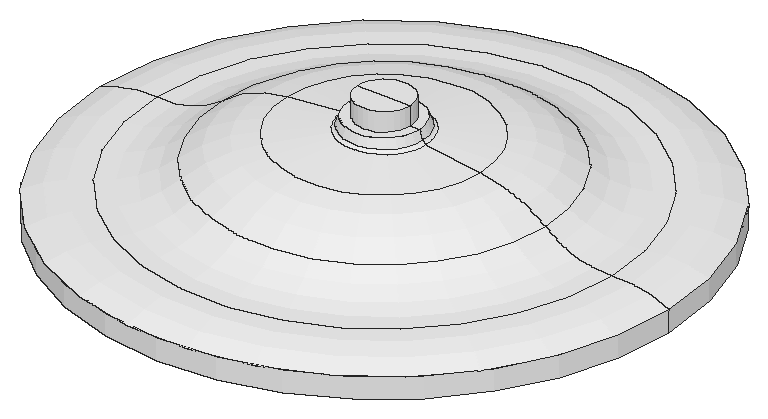
Revit family "Shower_Head-Grohe-Rainshower-26644000", category Plumbing Fixtures, Revit 2014
Parameters (values of type "26644000")
  Width = 12 3/16"  # constant formula
  Waste Connection = no
  Warranty Documentation Link = "https://www.grohe.us/en_us/our-service/warranty/"
  WFU = 4
  Vent Connection = no
  URL = "https://www.grohe.us/"
  Tempered Water Connection Radius = 1/4"  # constant formula
  Tempered Water Connection Diameter = Tempered Water Connection Radius * 2  # 1/2"
  Product Page URL = ""
  Product Documentation Link = ""
  Price = "Prices may vary. Please consult Manufacturer Representative for most up-to-date price list."  # constant formula
  Model = "26644000"
  Material = "Brass-Grohe-000-Starlight Chrome"
  Manufacturer = "Grohe"
  Hot Water Connection Radius = Tempered Water Connection Radius  # 1/4"
  Hot Water Connection Diameter = Hot Water Connection Radius * 2  # 1/2"
  Height = 2 5/8"  # constant formula
  HWFU = 3
  HW Connection = yes
  Flow Rate = "1.75 gpm (6.6 Lpm)"
  Finish = Brass-Grohe-000-Starlight Chrome
  Description = "Rainshower™ SmartConnect 310 Showerhead with Remote, Round"  # constant formula
  Default Elevation = 0"
  Creation Date = "03/11/2020"  # constant formula
  Cold Water Connection Radius = Hot Water Connection Radius  # 1/4"
  Cold Water Connection Diameter = Cold Water Connection Radius * 2  # 1/2"
  CWFU = 3
  CW Connection = yes
  Assembly Code = "D2010700"
Reference planes (in)
  plane 1 "Center (Front/Back)": y = 0
  plane 2: z = 0
  plane 3 "Center (Left/Right)": x = 0
  plane 4: x = -0.46875
  plane 5: x = 0.6875
  plane 6: x = -0.6875
  plane 7: z = -2.625
Forms (in)
  Revolve 1, solid, material "Brass-Grohe-000-Starlight Chrome" <- "Finish"
    sketch origin (0, 0, 0) x (1, 0, 0) y (0, 0, 1)
      loop
        line (0, 0) -> (0, -2.52442) -> (5.94295, -2.52442) -> (6.14513, -2.42783) -> (6.14513, -1.99335)
        arc (6.14513, -1.99335) -> (5.54731, -1.79333) -> (4.91809, -1.75484) r 2.41481
        arc (4.91809, -1.75484) -> (4.16022, -1.66849) -> (3.48364, -1.31628) r 2.09282
        arc (3.48364, -1.31628) -> (2.82773, -0.9376) -> (2.09286, -0.75437) r 2.72097
        line (2.09286, -0.75437) -> (0.90534, -0.62956)
        arc (0.90534, -0.62956) -> (0.85958, -0.61107) -> (0.83058, -0.57115) r 0.08952
        line (0.83058, -0.57115) -> (0.7642, -0.38879) -> (0.56237, -0.38879) -> (0.56237, 0) -> (0, 0)
      axis (0, 0) -> (0, -2.52442)
    angle from 0 to 360
  Extrusion 2, solid, material "Rubber-Grohe-White"
    sketch origin (0, 0, 0) x (1, 0, 0) y (0, 1, 0)
      loop
        arc (-0.07811, 0.53346) -> (0, 0.45535) -> (0.07811, 0.53346) r 0.07811
        line (0.07811, 0.53346) -> (0.07811, 1.10581)
        arc (0.07811, 1.10581) -> (0, 1.18393) -> (-0.07811, 1.10581) r 0.07811
        line (-0.07811, 1.10581) -> (-0.07811, 0.53346)
      loop
        line (-0.07811, -0.53346) -> (-0.07811, -1.10581)
        arc (-0.07811, -1.10581) -> (0, -1.18393) -> (0.07811, -1.10581) r 0.07811
        line (0.07811, -1.10581) -> (0.07811, -0.53346)
        arc (0.07811, -0.53346) -> (0, -0.45535) -> (-0.07811, -0.53346) r 0.07811
      loop
        arc (0.32198, 0.43245) -> (0.32198, 0.32198) -> (0.43245, 0.32198) r 0.07811
        line (0.43245, 0.32198) -> (0.83716, 0.72669)
        arc (0.83716, 0.72669) -> (0.83716, 0.83716) -> (0.72669, 0.83716) r 0.07811
        line (0.72669, 0.83716) -> (0.32198, 0.43245)
      loop
        line (-0.43245, -0.32198) -> (-0.83716, -0.72669)
        arc (-0.83716, -0.72669) -> (-0.83716, -0.83716) -> (-0.72669, -0.83716) r 0.07811
        line (-0.72669, -0.83716) -> (-0.32198, -0.43245)
        arc (-0.32198, -0.43245) -> (-0.32198, -0.32198) -> (-0.43245, -0.32198) r 0.07811
      loop
        line (0.32198, -0.43245) -> (0.72669, -0.83716)
        arc (0.72669, -0.83716) -> (0.83716, -0.83716) -> (0.83716, -0.72669) r 0.07811
        line (0.83716, -0.72669) -> (0.43245, -0.32198)
        arc (0.43245, -0.32198) -> (0.32198, -0.32198) -> (0.32198, -0.43245) r 0.07811
      loop
        arc (-0.43245, 0.32198) -> (-0.32198, 0.32198) -> (-0.32198, 0.43245) r 0.07811
        line (-0.32198, 0.43245) -> (-0.72669, 0.83716)
        arc (-0.72669, 0.83716) -> (-0.83716, 0.83716) -> (-0.83716, 0.72669) r 0.07811
        line (-0.83716, 0.72669) -> (-0.43245, 0.32198)
      loop
        arc (0.53346, 0.07811) -> (0.45535, 0) -> (0.53346, -0.07811) r 0.07811
        line (0.53346, -0.07811) -> (1.10581, -0.07811)
        arc (1.10581, -0.07811) -> (1.18393, 0) -> (1.10581, 0.07811) r 0.07811
        line (1.10581, 0.07811) -> (0.53346, 0.07811)
      loop
        line (-0.53346, 0.07811) -> (-1.10581, 0.07811)
        arc (-1.10581, 0.07811) -> (-1.18393, 0) -> (-1.10581, -0.07811) r 0.07811
        line (-1.10581, -0.07811) -> (-0.53346, -0.07811)
        arc (-0.53346, -0.07811) -> (-0.45535, 0) -> (-0.53346, 0.07811) r 0.07811
      loop
        circle (0, 1.68145) r 0.05744
      loop
        circle (0, 2.30051) r 0.05744
      loop
        circle (0, 2.91958) r 0.05744
      loop
        circle (0, 3.53864) r 0.05744
      loop
        circle (0, 4.15771) r 0.05744
      loop
        circle (0, 4.77677) r 0.05744
      loop
        circle (0, 5.39583) r 0.05744
      loop
        circle (0, -1.68145) r 0.05744
      loop
        circle (0, -2.30051) r 0.05744
      loop
        circle (0, -2.91958) r 0.05744
      loop
        circle (0, -3.53864) r 0.05744
      loop
        circle (0, -4.15771) r 0.05744
      loop
        circle (0, -4.77677) r 0.05744
      loop
        circle (0, -5.39583) r 0.05744
      loop
        circle (1.68145, 0) r 0.05744
      loop
        circle (2.30051, 0) r 0.05744
      loop
        circle (2.91958, 0) r 0.05744
      loop
        circle (3.53864, 0) r 0.05744
      loop
        circle (4.15771, 0) r 0.05744
      loop
        circle (4.77677, 0) r 0.05744
      loop
        circle (5.39583, 0) r 0.05744
      loop
        circle (-1.68145, 0) r 0.05744
      loop
        circle (-2.30051, 0) r 0.05744
      loop
        circle (-2.91958, 0) r 0.05744
      loop
        circle (-3.53864, 0) r 0.05744
      loop
        circle (-4.15771, 0) r 0.05744
      loop
        circle (-4.77677, 0) r 0.05744
      loop
        circle (-5.39583, 0) r 0.05744
      loop
        circle (1.18896, 1.18896) r 0.05744
      loop
        circle (1.62671, 1.62671) r 0.05744
      loop
        circle (2.06445, 2.06445) r 0.05744
      loop
        circle (2.5022, 2.5022) r 0.05744
      loop
        circle (2.93994, 2.93994) r 0.05744
      loop
        circle (3.37769, 3.37769) r 0.05744
      loop
        circle (3.81543, 3.81543) r 0.05744
      loop
        circle (-1.18896, -1.18896) r 0.05744
      loop
        circle (-1.62671, -1.62671) r 0.05744
      loop
        circle (-2.06445, -2.06445) r 0.05744
      loop
        circle (-2.5022, -2.5022) r 0.05744
      loop
        circle (-2.93994, -2.93994) r 0.05744
      loop
        circle (-3.37769, -3.37769) r 0.05744
      loop
        circle (-3.81543, -3.81543) r 0.05744
      loop
        circle (-1.18896, 1.18896) r 0.05744
      loop
        circle (-1.62671, 1.62671) r 0.05744
      loop
        circle (-2.06445, 2.06445) r 0.05744
      loop
        circle (-2.5022, 2.5022) r 0.05744
      loop
        circle (-2.93994, 2.93994) r 0.05744
      loop
        circle (-3.37769, 3.37769) r 0.05744
      loop
        circle (-3.81543, 3.81543) r 0.05744
      loop
        circle (1.18896, -1.18896) r 0.05744
      loop
        circle (1.62671, -1.62671) r 0.05744
      loop
        circle (2.06445, -2.06445) r 0.05744
      loop
        circle (2.5022, -2.5022) r 0.05744
      loop
        circle (2.93994, -2.93994) r 0.05744
      loop
        circle (3.37769, -3.37769) r 0.05744
      loop
        circle (3.81543, -3.81543) r 0.05744
      loop
        circle (-1.58984, 0.54743) r 0.05744
      loop
        circle (-2.17518, 0.74897) r 0.05744
      loop
        circle (-2.76052, 0.95052) r 0.05744
      loop
        circle (-3.34585, 1.15207) r 0.05744
      loop
        circle (-3.93119, 1.35362) r 0.05744
      loop
        circle (-4.51653, 1.55516) r 0.05744
      loop
        circle (-5.10186, 1.75671) r 0.05744
      loop
        circle (1.58984, -0.54743) r 0.05744
      loop
        circle (2.17518, -0.74897) r 0.05744
      loop
        circle (2.76052, -0.95052) r 0.05744
      loop
        circle (3.34585, -1.15207) r 0.05744
      loop
        circle (3.93119, -1.35362) r 0.05744
      loop
        circle (4.51653, -1.55516) r 0.05744
      loop
        circle (5.10186, -1.75671) r 0.05744
      loop
        circle (1.58984, 0.54743) r 0.05744
      loop
        circle (2.17518, 0.74897) r 0.05744
      loop
        circle (2.76052, 0.95052) r 0.05744
      loop
        circle (3.34585, 1.15207) r 0.05744
      loop
        circle (3.93119, 1.35362) r 0.05744
      loop
        circle (4.51653, 1.55516) r 0.05744
      loop
        circle (5.10186, 1.75671) r 0.05744
      loop
        circle (-1.58984, -0.54743) r 0.05744
      loop
        circle (-2.17518, -0.74897) r 0.05744
      loop
        circle (-2.76052, -0.95052) r 0.05744
      loop
        circle (-3.34585, -1.15207) r 0.05744
      loop
        circle (-3.93119, -1.35362) r 0.05744
      loop
        circle (-4.51653, -1.55516) r 0.05744
      loop
        circle (-5.10186, -1.75671) r 0.05744
      loop
        circle (0.7371, 1.51128) r 0.05744
      loop
        circle (1.00848, 2.06769) r 0.05744
      loop
        circle (1.27986, 2.6241) r 0.05744
      loop
        circle (1.55124, 3.18051) r 0.05744
      loop
        circle (1.82262, 3.73692) r 0.05744
      loop
        circle (2.094, 4.29333) r 0.05744
      loop
        circle (2.36538, 4.84974) r 0.05744
      loop
        circle (-0.7371, -1.51128) r 0.05744
      loop
        circle (-1.00848, -2.06769) r 0.05744
      loop
        circle (-1.27986, -2.6241) r 0.05744
      loop
        circle (-1.55124, -3.18051) r 0.05744
      loop
        circle (-1.82262, -3.73692) r 0.05744
      loop
        circle (-2.094, -4.29333) r 0.05744
      loop
        circle (-2.36538, -4.84974) r 0.05744
      loop
        circle (-0.7371, 1.51128) r 0.05744
      loop
        circle (-1.00848, 2.06769) r 0.05744
      loop
        circle (-1.27986, 2.6241) r 0.05744
      loop
        circle (-1.55124, 3.18051) r 0.05744
      loop
        circle (-1.82262, 3.73692) r 0.05744
      loop
        circle (-2.094, 4.29333) r 0.05744
      loop
        circle (-2.36538, 4.84974) r 0.05744
      loop
        circle (0.7371, -1.51128) r 0.05744
      loop
        circle (1.00848, -2.06769) r 0.05744
      loop
        circle (1.27986, -2.6241) r 0.05744
      loop
        circle (1.55124, -3.18051) r 0.05744
      loop
        circle (1.82262, -3.73692) r 0.05744
      loop
        circle (2.094, -4.29333) r 0.05744
      loop
        circle (2.36538, -4.84974) r 0.05744
    from -2.625 to -2.22053
Lines and regions (in)
  Masking region 1
    outline origin (0, 0, 0) x (1, 0, 0) y (0, 1, 0)
      loop
        circle (0, 0) r 6.14513
  symbolic lines, detail levels medium+fine
    curve 1: circle (0, 0, 0) r 0.7642 normal (0, 0, 1)
  symbolic lines, detail levels fine
    curve 2: circle (0, 0, 0) r 0.25 normal (0, 0, 1)
Dimensions and locks (in)
  equal spacing: plane 5, plane 3 "Center (Left/Right)", plane 6
  plane 6 to plane 5 = 1 3/8"
  level to plane 7 = 2 5/8"
Automatic sketch dimensions
  Revolve 1 sketch curve to plane 3 "Center (Left/Right)" = 0"  (x2)
  Revolve 1 sketch curve to level = 0"
  Revolve 1 sketch curve to plane 5 = 0.12513"
  plane 5 to Revolve 1 sketch curve = 0.0767"
  plane 5 to Revolve 1 sketch curve = 0.14308"
  Revolve 1 sketch curve to Revolve 1 sketch curve = 0.07476"
  Revolve 1 sketch curve to Revolve 1 sketch curve = 0.08412"
  plane 5 to Revolve 1 sketch curve = 1.12094"
  Revolve 1 sketch curve to level = 0.75437"
  Revolve 1 sketch curve to Revolve 1 sketch curve = 1.18752"
  level to Revolve 1 sketch curve = 0.33288"
  Revolve 1 sketch curve to Revolve 1 sketch curve = 2.67925"
  plane 7 to Revolve 1 sketch curve = 1.53877"
  Revolve 1 sketch curve to Revolve 1 sketch curve = 3.2781"
  Revolve 1 sketch curve to plane 7 = 0.63165"
  Revolve 1 sketch curve to Revolve 1 sketch curve = 1 15/256"
  plane 7 to Revolve 1 sketch curve = 0.83543"
  Revolve 1 sketch curve to level = 0.62956"
  Revolve 1 sketch curve to Revolve 1 sketch curve = 0.05841"
  Revolve 1 sketch curve to Revolve 1 sketch curve = 0.18236"
  Revolve 1 sketch curve to Revolve 1 sketch curve = 0"
  Revolve 1 sketch curve to plane 7 = 0.10058"
  Revolve 1 sketch curve to Revolve 1 sketch curve = 0.20218"
  Revolve 1 sketch curve to plane 7 = 0.19717"
  Revolve 1 sketch curve to Revolve 1 sketch curve = 1.09506"
  Revolve 1 sketch curve to Revolve 1 sketch curve = 0.65494"
  plane 1 "Center (Front/Back)" to Extrusion 2 sketch curve = 0"  (x16)
  Extrusion 2 sketch curve to plane 3 "Center (Left/Right)" = 0"  (x16)
  Extrusion 2 sketch curve to plane 3 "Center (Left/Right)" = 5/64"  (x2)
  Extrusion 2 sketch curve to Extrusion 2 sketch curve = 0.24387"  (x8)
  Extrusion 2 sketch curve to Extrusion 2 sketch curve = 0.05523"  (x24)
  Extrusion 2 sketch curve to plane 6 = 0.15404"
  plane 6 to Extrusion 2 sketch curve = 0.03919"  (x2)
  plane 6 to Extrusion 2 sketch curve = 0.0496"  (x2)
  plane 6 to Extrusion 2 sketch curve = 0.32098"  (x2)
  Extrusion 2 sketch curve to plane 1 "Center (Front/Back)" = 5/64"
  plane 6 to Extrusion 2 sketch curve = 0.41831"
  plane 6 to Extrusion 2 sketch curve = 0.50146"  (x2)
  plane 6 to Extrusion 2 sketch curve = 0.59236"  (x2)
  Extrusion 2 sketch curve to Extrusion 2 sketch curve = 0.27138"  (x16)
  Extrusion 2 sketch curve to Extrusion 2 sketch curve = 0.48403"  (x4)
  Extrusion 2 sketch curve to Extrusion 2 sketch curve = 0.43774"  (x48)
  Extrusion 2 sketch curve to Extrusion 2 sketch curve = 0.09161"  (x2)
  Extrusion 2 sketch curve to Extrusion 2 sketch curve = 0.58534"  (x24)
  Extrusion 2 sketch curve to Extrusion 2 sketch curve = 0.61906"  (x24)
  Extrusion 2 sketch curve to plane 5 = 0.15404"
  plane 5 to Extrusion 2 sketch curve = 0.03919"  (x2)
  plane 5 to Extrusion 2 sketch curve = 0.0496"  (x2)
  plane 5 to Extrusion 2 sketch curve = 0.32098"  (x2)
  plane 1 "Center (Front/Back)" to Extrusion 2 sketch curve = 5/64"
  plane 5 to Extrusion 2 sketch curve = 0.41831"
  plane 5 to Extrusion 2 sketch curve = 0.50146"  (x2)
  plane 5 to Extrusion 2 sketch curve = 0.59236"  (x2)
  Extrusion 2 sketch curve to Extrusion 2 sketch curve = 0.10101"  (x2)
  plane 1 "Center (Front/Back)" to Extrusion 2 sketch curve = 0.54743"  (x2)
  Extrusion 2 sketch curve to Extrusion 2 sketch curve = 0.40471"  (x4)
  Extrusion 2 sketch curve to Extrusion 2 sketch curve = 0.20155"  (x24)
  Extrusion 2 sketch curve to Extrusion 2 sketch curve = 0.57235"  (x2)
  Extrusion 2 sketch curve to Extrusion 2 sketch curve = 0.40704"  (x4)
  Extrusion 2 sketch curve to Extrusion 2 sketch curve = 0.32231"  (x4)
  Extrusion 2 sketch curve to Extrusion 2 sketch curve = 0.57564"  (x2)
  Extrusion 2 sketch curve to Extrusion 2 sketch curve = 0.55641"  (x24)
  Extrusion 2 sketch curve to plane 1 "Center (Front/Back)" = 0.54743"  (x2)
  plane 1 "Center (Front/Back)" to Masking region 1 sketch curve = 0"
  Masking region 1 sketch curve to plane 3 "Center (Left/Right)" = 0"
  curve 1 to curve 2 = 0"  (x2)
  plane 1 "Center (Front/Back)" to curve 2 = 0"
  curve 2 to plane 3 "Center (Left/Right)" = 0"
  radius of Extrusion 2 sketch curve = 0.05744"  (x112)
  radius of Masking region 1 sketch curve = 6.14513"
  radius of curve 1 = 0.7642"
  radius of curve 2 = 1/4"
Connectors (in)
  piping at (0, 0, 0), diameter 0.5, driven by "Tempered Water Connection Diameter"
    settings: on Revolve 1, index 1, connector inside diameter 24", connector length 0", flow factor 0, pipe flow 0 GPM, pressure drop 0.00 psi, fitting loss kfactor 0, connector angle 0.00°, fixture units 0, engagement length 0", angle of deflection 0.00°, flow configuration 0, flow direction 1, fitting loss method 0, system type 29, joint type 0, gender type 0, connector reference index -1, connector utility 0, adjustable connector no, is connector primary yes, connector description "1/2\" NPT Supply Inlet"
